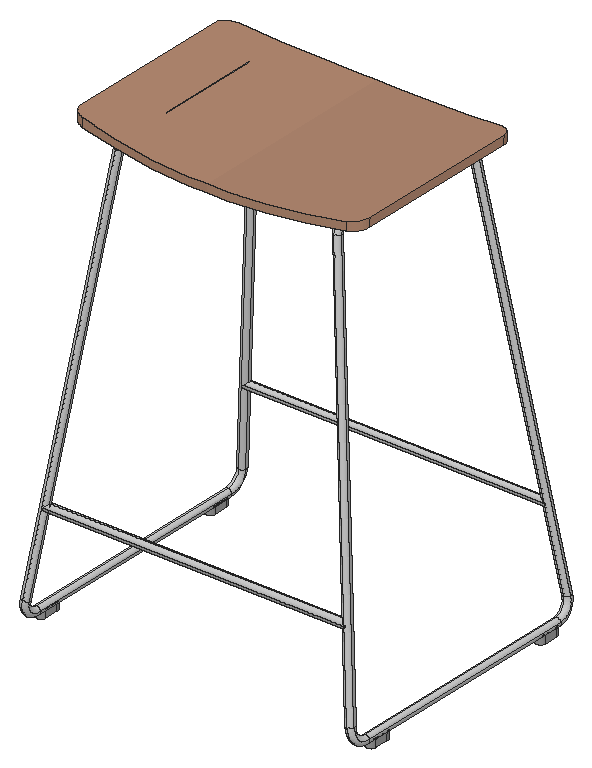
Revit family "FU_Stool_Sandler_Tao 4-0", category Furniture, Revit 2020
Family settings
  OmniClass Number = 23.40.20.00
  OmniClass Title = General Furniture and Specialties
  Work Plane-Based = No
  Always vertical = Yes
  Cut with Voids When Loaded = No
  Shared = No
  Room Calculation Point = No
Parameters (values of type "Tao 4.0")
  Width = 510 mm
  URL = "https://www.sandlerseating.com/product/tao-4-0/"
  Seat [instance] = Wood - Oak - Walnut
  Model = "Tao 4.0"
  Manufacturer = "Sandler"
  Height = 680 mm
  Frame [instance] = Metal - Chrome - Polished
  Description = "Counter stool with steel frame finished in lacquer or chrome, and concave seat in lacquered or stained beech, or solid oak."
  Depth = 420 mm
  Default Elevation = 0 mm
Reference planes
  plane 1 "Center (Front/Back)": y = 0
  plane 2: z = 0
  plane 3 "Center (Left/Right)": x = 0
  plane 4 "Right": x = -255
  plane 5 "Left": x = 255
  plane 6 "Back": y = 210
  plane 7 "Front": y = -210
  plane 8 "Height": z = 680
  plane 9 "Frame C Base": z = 12.098
  plane 10 "Seat Base": z = 653.407
  plane 11 "BS C TOP": y = 172.622
  plane 12 "FS C TOP": y = -187.425
  plane 13 "FL C FRONT": through (246.736, -1524, 13.177) normal (-0.9914, 0, -0.1307)
Forms (mm)
  Sweep 1, solid, material "Wood - Oak - Walnut" <- "Seat"
    path origin (0, 0, 653.407) x (-1, 0, 0) y (0, -1, 0)
      loop
        line (0, 179.804) -> (0, -165)
    profile "Pro_Tao_Seat : Pro_Tao_Seat" origin (0, -7.402, 653.407) x (-1, 0, 0) y (0, 0, 1)
      loop
        line (-231.362, 30.582) -> (-231.362, 18.333)
        arc (-231.362, 18.333) -> (0, 0) -> (231.362, 18.334) r 1469.024
        line (231.362, 18.334) -> (231.362, 30.582)
        arc (231.362, 30.582) -> (0, 12.103) -> (-231.362, 30.582) r 1457.593
  Sweep 2, solid, material "Metal - Chrome - Polished" <- "Frame"
    path origin (0, -187.425, -126.522) x (-1, 0, 0) y (0, 0, 1)
      loop
        line (-227.5, 289.461) -> (227.5, 289.461)
    profile "Pro_Circles : 12mm" origin (0, -187.425, 162.939) x (0, 0, -1) y (0, -1, 0)
      loop
        arc (-5.967, 0.067) -> (-4.287, -4.192) -> (-0.067, -5.967) r 5.901
        arc (-0.067, -5.967) -> (4.24, -4.24) -> (5.967, 0.067) r 5.902
        arc (5.967, 0.067) -> (4.192, 4.286) -> (-0.067, 5.967) r 5.901
        arc (-0.067, 5.967) -> (-4.238, 4.238) -> (-5.967, 0.067) r 5.9
  Sweep 3, solid, material "Metal - Chrome - Polished" <- "Frame"
    path origin (0, 187.426, -126.522) x (-1, 0, 0) y (0, 0, 1)
      loop
        line (-227.5, 289.461) -> (227.5, 289.461)
    profile "Pro_Circles : 12mm" origin (0, 187.426, 162.939) x (0, 0, 1) y (0, 1, 0)
      loop
        arc (5.967, 0.067) -> (4.238, 4.238) -> (0.067, 5.967) r 5.9
        arc (0.067, 5.967) -> (-4.192, 4.286) -> (-5.967, 0.067) r 5.901
        arc (-5.967, 0.067) -> (-4.24, -4.24) -> (0.067, -5.967) r 5.902
        arc (0.067, -5.967) -> (4.287, -4.192) -> (5.967, 0.067) r 5.901
  Extrusion 4, void
    sketch origin (0, 0, 653.407) x (-1, 0, 0) y (0, -1, 0)
      loop
        arc (216.834, 133.234) -> (210.563, 146.54) -> (197.426, 153.156) r 22.57
        arc (197.426, 153.156) -> (0, 166.465) -> (-197.426, 153.156) r 1470.945
        arc (-197.426, 153.156) -> (-210.563, 146.54) -> (-216.834, 133.234) r 22.57
        line (-216.834, 133.234) -> (-216.834, -118.431)
        arc (-216.834, -118.431) -> (-210.574, -131.725) -> (-197.457, -138.348) r 22.57
        arc (-197.457, -138.348) -> (0, -151.796) -> (197.457, -138.348) r 1456.276
        arc (197.457, -138.348) -> (210.574, -131.725) -> (216.834, -118.431) r 22.57
        line (216.834, -118.431) -> (216.834, 133.234)
      loop
        line (255, -210) -> (255, 210) -> (-255, 210) -> (-255, -210) -> (255, -210)
    from -5 to 40
  Extrusion 5, solid, material "Rubber, Black"
    sketch origin (0, 17.469, 0) x (1, 0, 0) y (0, 1, 0)
      loop
        arc (-240, -165.829) -> (-247.5, -158.329) -> (-255, -165.829) r 7.5
        line (-255, -165.829) -> (-255, -186.193)
        arc (-255, -186.193) -> (-247.5, -193.693) -> (-240, -186.193) r 7.5
        line (-240, -186.193) -> (-240, -165.829)
    from 0 to 12
  Extrusion 6, solid, material "Rubber, Black"
    sketch origin (0, 17.353, 0) x (-1, 0, 0) y (0, -1, 0)
      loop
        line (-240, 165.829) -> (-240, 186.193)
        arc (-240, 186.193) -> (-247.5, 193.693) -> (-255, 186.193) r 7.5
        line (-255, 186.193) -> (-255, 165.829)
        arc (-255, 165.829) -> (-247.5, 158.329) -> (-240, 165.829) r 7.5
    from 0 to 12
  Extrusion 7, solid, material "Rubber, Black"
    sketch origin (0, -2.436, 0) x (1, 0, 0) y (0, 1, 0)
      loop
        line (-240, 151.025) -> (-240, 171.39)
        arc (-240, 171.39) -> (-247.5, 178.89) -> (-255, 171.39) r 7.5
        line (-255, 171.39) -> (-255, 151.025)
        arc (-255, 151.025) -> (-247.5, 143.525) -> (-240, 151.025) r 7.5
    from 0 to 12
  Extrusion 8, solid, material "Rubber, Black"
    sketch origin (0, -2.436, 0) x (-1, 0, 0) y (0, -1, 0)
      loop
        arc (-240, -151.025) -> (-247.5, -143.525) -> (-255, -151.025) r 7.5
        line (-255, -151.025) -> (-255, -171.39)
        arc (-255, -171.39) -> (-247.5, -178.89) -> (-240, -171.39) r 7.5
        line (-240, -171.39) -> (-240, -151.025)
    from 0 to 12
  Sweep 9, solid, material "Metal - Chrome - Polished" <- "Frame"
    path origin (244.227, 0, 32.204) x (0.130729, 0, -0.991418) y (0, -1, 0)
      loop
        arc (20.059, 179.232) -> (11.953, 197.215) -> (-6.889, 203.051) r 24
        line (-6.889, 203.051) -> (-613.143, 128.022)
        arc (-613.143, 128.022) -> (-625.672, 121.419) -> (-630.687, 108.174) r 20
        line (-630.687, 108.174) -> (-630.687, -108.174)
        arc (-630.687, -108.174) -> (-625.672, -121.419) -> (-613.143, -128.022) r 20
        line (-613.143, -128.022) -> (-6.889, -203.051)
        arc (-6.889, -203.051) -> (11.953, -197.215) -> (20.059, -179.232) r 24
        line (20.059, -179.232) -> (20.059, 179.232)
    profile "Pro_Circles : 12mm" origin (246.849, 0, 12.317) x (0.130729, 0, -0.991418) y (-0.991418, 0, -0.130729)
      loop
        arc (-5.967, 0.067) -> (-4.287, -4.192) -> (-0.067, -5.967) r 5.901
        arc (-0.067, -5.967) -> (4.24, -4.24) -> (5.967, 0.067) r 5.902
        arc (5.967, 0.067) -> (4.192, 4.286) -> (-0.067, 5.967) r 5.901
        arc (-0.067, 5.967) -> (-4.238, 4.238) -> (-5.967, 0.067) r 5.9
  Sweep 10, solid, material "Metal - Chrome - Polished" <- "Frame"
    path origin (-244.227, 0, 32.204) x (-0.130729, 0, -0.991418) y (0, 1, 0)
      loop
        line (20.059, -179.232) -> (20.059, 179.232)
        arc (20.059, 179.232) -> (11.953, 197.215) -> (-6.889, 203.051) r 24
        line (-6.889, 203.051) -> (-613.143, 128.022)
        arc (-613.143, 128.022) -> (-625.672, 121.419) -> (-630.687, 108.174) r 20
        line (-630.687, 108.174) -> (-630.687, -108.174)
        arc (-630.687, -108.174) -> (-625.672, -121.419) -> (-613.143, -128.022) r 20
        line (-613.143, -128.022) -> (-6.889, -203.051)
        arc (-6.889, -203.051) -> (11.953, -197.215) -> (20.059, -179.232) r 24
    profile "Pro_Circles : 12mm" origin (-246.849, 0, 12.317) x (0.130729, 0, 0.991418) y (0.991418, 0, -0.130729)
      loop
        arc (5.967, 0.067) -> (4.238, 4.238) -> (0.067, 5.967) r 5.9
        arc (0.067, 5.967) -> (-4.192, 4.286) -> (-5.967, 0.067) r 5.901
        arc (-5.967, 0.067) -> (-4.24, -4.24) -> (0.067, -5.967) r 5.902
        arc (0.067, -5.967) -> (4.287, -4.192) -> (5.967, 0.067) r 5.901
Cuts and joins
  Extrusion 4 cuts Sweep 1
Lines and regions (mm)
  reference lines
    curve 1: line (240.106, 0, 13.177) -> (253.365, 0, 13.177)
    curve 2: line (155.679, 0, 653.407) -> (168.95, 0, 653.407)
    curve 3: line (243.569, -210, 37.195) -> (243.775, -196.756, 35.628)
    curve 4: line (247.668, -181.547, 6.109) -> (245.981, -181.547, 18.902)
    curve 5: line (164.145, -134.707, 639.526) -> (164.349, -121.67, 637.983)
    curve 6: line (162.618, -106.461, 651.11) -> (160.938, -106.461, 663.846)
Dimensions and locks
  equal spacing: plane 4 "Right", plane 3 "Center (Left/Right)", plane 5 "Left"
  "Width": plane 4 "Right" to plane 5 "Left"
  equal spacing: plane 6 "Back", plane 1 "Center (Front/Back)", plane 7 "Front"
  "Depth": plane 6 "Back" to plane 7 "Front"
  "Height": plane 8 "Height" to level
  plane 9 "Frame C Base" to level = 12.098 mm
  locked: plane 8 "Height" to plane 10 "Seat Base" at 26.593
  aligned and locked: level to plane 2
Automatic sketch dimensions
  curve 2 to plane 10 "Seat Base" = 0 mm
  plane 5 "Left" to curve 2 = 99.321 mm
  curve 2 to curve 2 = 13.271 mm
  plane 9 "Frame C Base" to curve 1 = 1.079 mm
  plane 5 "Left" to curve 1 = 14.894 mm
  plane 5 "Left" to curve 1 = 1.635 mm
  Sweep 1 sketch curve to plane 3 "Center (Left/Right)" = 0 mm
  Sweep 1 sketch curve to plane 11 "BS C TOP" = 7.622 mm
  Sweep 1 sketch curve to plane 12 "FS C TOP" = 7.622 mm
  Sweep 2 sketch curve to plane 5 "Left" = 27.5 mm
  plane 4 "Right" to Sweep 2 sketch curve = 27.5 mm
  Sweep 2 sketch curve to plane 9 "Frame C Base" = 150.841 mm
  plane 5 "Left" to Sweep 3 sketch curve = 27.5 mm
  Sweep 3 sketch curve to plane 4 "Right" = 27.5 mm
  plane 9 "Frame C Base" to Sweep 3 sketch curve = 150.841 mm
  Extrusion 4 sketch curve to plane 5 "Left" = 0 mm
  Extrusion 4 sketch curve to plane 3 "Center (Left/Right)" = 0 mm  (x2)
  Extrusion 4 sketch curve to plane 4 "Right" = 0 mm
  Extrusion 4 sketch curve to plane 6 "Back" = 0 mm
  Extrusion 4 sketch curve to plane 7 "Front" = 0 mm
  plane 5 "Left" to Extrusion 4 sketch curve = 38.166 mm
  Extrusion 4 sketch curve to Extrusion 4 sketch curve = 22.437 mm  (x3)
  Extrusion 4 sketch curve to plane 4 "Right" = 60.603 mm  (x2)
  plane 6 "Back" to Extrusion 4 sketch curve = 1094.48 mm
  Extrusion 4 sketch curve to plane 11 "BS C TOP" = 54.191 mm  (x2)
  Extrusion 4 sketch curve to Extrusion 4 sketch curve = 2.445 mm  (x4)
  Extrusion 4 sketch curve to plane 12 "FS C TOP" = 56.636 mm  (x2)
  Extrusion 4 sketch curve to plane 7 "Front" = 1094.48 mm
  Extrusion 4 sketch curve to Extrusion 4 sketch curve = 0 mm  (x2)
  Extrusion 5 sketch curve to plane 4 "Right" = 0 mm
  Extrusion 5 sketch curve to Extrusion 5 sketch curve = 7.5 mm
  Extrusion 5 sketch curve to plane 12 "FS C TOP" = 18.701 mm
  Extrusion 5 sketch curve to Extrusion 5 sketch curve = 20.364 mm
  Extrusion 6 sketch curve to plane 5 "Left" = 0 mm
  Extrusion 6 sketch curve to Extrusion 6 sketch curve = 7.5 mm
  plane 12 "FS C TOP" to Extrusion 6 sketch curve = 18.585 mm
  Extrusion 6 sketch curve to Extrusion 6 sketch curve = 20.364 mm
  Extrusion 7 sketch curve to plane 4 "Right" = 0 mm
  plane 11 "BS C TOP" to Extrusion 7 sketch curve = 3.669 mm
  plane 4 "Right" to Extrusion 7 sketch curve = 7.5 mm
  Extrusion 7 sketch curve to Extrusion 7 sketch curve = 20.364 mm
  Extrusion 8 sketch curve to plane 5 "Left" = 0 mm
  Extrusion 8 sketch curve to plane 11 "BS C TOP" = 3.669 mm
  Extrusion 8 sketch curve to Extrusion 8 sketch curve = 7.5 mm
  Extrusion 8 sketch curve to Extrusion 8 sketch curve = 20.364 mm
  plane 7 "Front" to curve 3 = 0 mm
  curve 6 to plane 12 "FS C TOP" = 80.964 mm
  curve 6 to curve 6 = 12.847 mm
  curve 5 to plane 12 "FS C TOP" = 52.719 mm
  curve 6 to curve 5 = 11.684 mm
  curve 5 to plane 12 "FS C TOP" = 65.755 mm
  curve 5 to curve 5 = 1.556 mm
  curve 5 to curve 3 = 607.544 mm
  plane 12 "FS C TOP" to curve 3 = 9.331 mm
  curve 3 to curve 3 = 1.581 mm
  curve 4 to plane 12 "FS C TOP" = 5.879 mm
  curve 3 to curve 4 = 16.87 mm
  curve 4 to curve 4 = 12.904 mm
  Sweep 9 sketch curve to plane 11 "BS C TOP" = 64.448 mm
  Sweep 9 sketch curve to plane 12 "FS C TOP" = 59.403 mm
  Sweep 9 sketch curve to Sweep 9 sketch curve = 17.544 mm  (x2)
  Sweep 9 sketch curve to plane 11 "BS C TOP" = 44.599 mm
  Sweep 9 sketch curve to Sweep 9 sketch curve = 2.456 mm
  plane 7 "Front" to Sweep 9 sketch curve = 6.949 mm
  Sweep 9 sketch curve to Sweep 9 sketch curve = 606.254 mm
  Sweep 9 sketch curve to plane 6 "Back" = 6.949 mm
  Sweep 9 sketch curve to Sweep 9 sketch curve = 0 mm
  Sweep 9 sketch curve to plane 12 "FS C TOP" = 8.193 mm
  Sweep 9 sketch curve to Sweep 9 sketch curve = 2.948 mm
  plane 11 "BS C TOP" to Sweep 9 sketch curve = 6.611 mm
  Sweep 10 sketch curve to plane 11 "BS C TOP" = 64.448 mm
  Sweep 10 sketch curve to plane 12 "FS C TOP" = 59.403 mm
  Sweep 10 sketch curve to Sweep 10 sketch curve = 17.544 mm  (x2)
  Sweep 10 sketch curve to plane 11 "BS C TOP" = 44.599 mm
  Sweep 10 sketch curve to Sweep 10 sketch curve = 20 mm
  plane 7 "Front" to Sweep 10 sketch curve = 6.949 mm
  Sweep 10 sketch curve to Sweep 10 sketch curve = 606.254 mm
  Sweep 10 sketch curve to plane 6 "Back" = 6.949 mm
  Sweep 10 sketch curve to Sweep 10 sketch curve = 0 mm
  Sweep 10 sketch curve to plane 12 "FS C TOP" = 8.193 mm
  Sweep 10 sketch curve to Sweep 10 sketch curve = 2.948 mm
  plane 11 "BS C TOP" to Sweep 10 sketch curve = 6.611 mm
